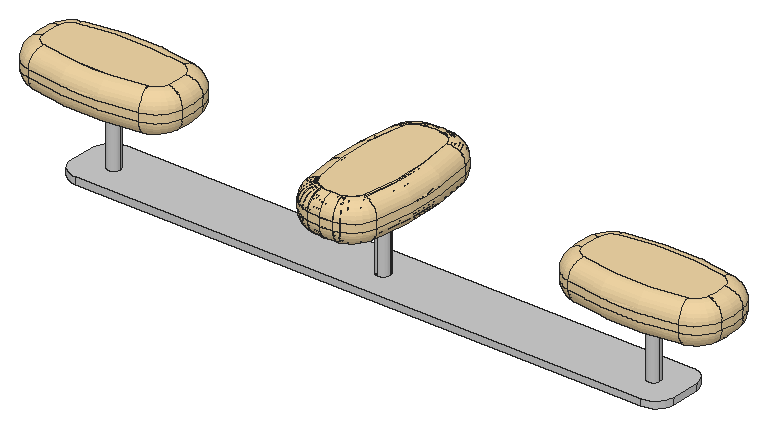
Revit family "Magnuson-Sherwood-CoatHookStrip+", category Furniture, host Face, Revit 2020
Family settings
  Host = Face
  Cut with Voids When Loaded = No
  Shared = No
  Room Calculation Point = No
Parameters (values of type "SW-M3")
  Width = 14 31/32"
  URL = "www.magnusongroup.com"
  Type Comments = "Coat Hook Strip"  # constant formula
  Revit Model Built By = "https://servex-us.com/servex-revit/"
  Product Documentation Link = "https://magnusongroup.com/products/coathooks/sherwood.html"
  Hook2 Qty = 2
  Hook Qty = 2
  H2 End Dist = 7 15/32"
  H2 Dist = 1/128"
  H = yes
  Frame Finish = MAG - Textured painted steel
  Salvage or Reuse = yes
  Percentage of Recycled Content = 0
  Model = "SW-M3"
  Manufacturer = "Magnuson Group"  # constant formula
  Low Emitting Material = yes
  Low Emitting Finish = yes
  Keynote = "12500"
  Hook Finish = MAG - Wood Oak
  Description = "Painted metal hook strip with three wood hooks. Center hook is positioned vertically, two outer hooks are positioned horizontally."
  Default Elevation = 48"
  Assembly Code = "E2020200"
Types (4): name | Width | Hook Qty | H2 End Dist | H2 Dist | H | Model | Description
  (no name) | 14 31/32" | 2 | 7 15/32" | 1/128" | yes | "SW-M3" | "Painted metal hook strip with three wood hooks. Center hook is positioned vertically, two outer hooks are positioned horizontally."
  SW-M2 | 8 9/32" | 2 | 4 1/8" | 1/128" | no | "SW-M2" | "Painted metal hook strip with two wood hooks positioned horizontally"
  SW-M3 | 14 31/32" | 2 | 7 15/32" | 1/128" | yes | "SW-M3" | "Painted metal hook strip with three wood hooks. Center hook is positioned vertically, two outer hooks are positioned horizontally."
  SW-M5 | 28 11/32" | 3 | 7 15/32" | 13 3/8" | yes | "SW-M5" | "Painted metal hook strip with five wood hooks. Hooks alternate between horizontal and vertical positioning."
Reference planes (in)
  plane 1 "Center (Front/Back)": y = 0
  plane 2: z = 0
  plane 3 "Center (Left/Right)": x = 0
  plane 4: x = 14.96875
  plane 5: x = 0.80828
  plane 6: x = 14.16047
  plane 7: x = 7.46875
  plane 8: x = 7.47656
Forms (in)
  Extrusion 1, solid, material "MAG - Textured painted steel" <- "Frame Finish"
    sketch origin (-1.97297, 0, 0) x (1, 0, 0) y (0, 1, 0)
      loop
        line (2.45959, -0.7874) -> (16.44154, -0.7874)
        arc (16.44154, -0.7874) -> (16.76024, -0.66372) -> (16.91207, -0.35743) r 0.47244
        arc (16.91207, -0.35743) -> (16.92817, 0) -> (16.91207, 0.35743) r 3.97624
        arc (16.91207, 0.35743) -> (16.76024, 0.66372) -> (16.44154, 0.7874) r 0.47244
        line (16.44154, 0.7874) -> (2.45959, 0.7874)
        arc (2.45959, 0.7874) -> (2.14089, 0.66372) -> (1.98906, 0.35743) r 0.47244
        arc (1.98906, 0.35743) -> (1.97297, 0) -> (1.98906, -0.35743) r 3.97624
        arc (1.98906, -0.35743) -> (2.14089, -0.66372) -> (2.45959, -0.7874) r 0.47244
    from 0 to 0.15625
Dimensions and locks (in)
  group 1 to group 2 = 13.35218"
  group 1 to group 2 = 0"  (x2)
  nested 1 to plane 3 "Center (Left/Right)" = 0.80828"
  Extrusion 1 to plane 2 = 5/32"
  locked: plane 3 "Center (Left/Right)" to plane 5 at 0.80828
  locked: plane 6 to plane 4 at 0.80828
  group 3 to group 4 = 1/128"
  group 3 to group 4 = 0"  (x2)
  "H2 Dist": plane 7 to plane 8
  "H2 End Dist": plane 3 "Center (Left/Right)" to plane 7
  "Width": plane 3 "Center (Left/Right)" to plane 4
  Extrusion 1 sketch curve to Extrusion 1 sketch curve to plane 4 = 0" locked, 0.50017" locked
  locked: Extrusion 1 sketch curve to plane 4 at 3.98979
  plane 3 "Center (Left/Right)" to Extrusion 1 sketch curve to Extrusion 1 sketch curve = 0.48662" locked, 0" locked
  locked: plane 3 "Center (Left/Right)" to Extrusion 1 sketch curve at 3.97624
  aligned and locked: plane 2 to host face
  aligned and locked: level to host face
  aligned and locked: plane 1 "Center (Front/Back)" to nested 1
  aligned and locked: plane 1 "Center (Front/Back)" to nested 2
  aligned and locked: plane 2 to nested 2
  aligned and locked: plane 2 to nested 1
  aligned and locked: Extrusion 1 to plane 2
  aligned and locked: nested 2 to plane 6
  aligned and locked: nested 1 to plane 5
  aligned and locked: nested 3 to plane 1 "Center (Front/Back)"
  aligned and locked: nested 4 to plane 1 "Center (Front/Back)"
  aligned and locked: nested 3 to plane 7
  aligned and locked: nested 4 to plane 8
Automatic sketch dimensions
  host sketch curve to host sketch curve = 21.12737"
  host sketch curve to host sketch curve = 15.17679"
  plane 1 "Center (Front/Back)" to Extrusion 1 sketch curve = 0"  (x2)
  Extrusion 1 sketch curve to plane 1 "Center (Front/Back)" = 0.31496"  (x2)
  plane 1 "Center (Front/Back)" to Extrusion 1 sketch curve = 0.31496"  (x2)
  plane 1 "Center (Front/Back)" to Extrusion 1 sketch curve = 0.7874"
  Extrusion 1 sketch curve to Extrusion 1 sketch curve = 0.47244"
  Extrusion 1 sketch curve to Extrusion 1 sketch curve = 0"  (x2)
Nested families (in)
  nested 1: "She-H" at (0.80828, 0, 0), type "She-H"
  nested 2: "She-H" at (14.16047, 0, 0), type "She-H"
  nested 3: "She-H" at (7.46875, 0, 0) x (0, 1, 0) z (0, 0, 1), type "She-H 2"
  nested 4: "She-H" at (7.47656, 0, 0) x (0, 1, 0) z (0, 0, 1), type "She-H 2"
Definition of nested family "She-H"
  Parameters (values of type "She-H")
    Revit Model Built By = "https://servex-us.com/servex-revit/"
    Hook Finish = none
    Hardware Finish = none
    H = yes
    Default Elevation = 0"
  Reference planes (in)
    plane 1 "Center (Front/Back)": y = 0
    plane 2: z = 0
    plane 3 "Center (Left/Right)": x = 0
  Forms (in)
    Extrusion 1, solid, material <- "Hardware Finish", visible <- "H"
      sketch origin (0, 0, 0) x (1, 0, 0) y (0, 1, 0)
        loop
          circle (0, 0) r 0.16126
      from 0.15625 to 2.20472
    Sweep 2, solid, material <- "Hook Finish", visible <- "H"
      path origin (0, 0, 0) x (1, 0, 0) y (0, 1, 0)
        loop
          arc (-1.3679, 0.93165) -> (-1.75558, 0.71337) -> (-1.95139, 0.31387) r 0.75
          arc (-1.95139, 0.31387) -> (-1.97548, -0.00189) -> (-1.94992, -0.31753) r 2.02006
          arc (-1.94992, -0.31753) -> (-1.7534, -0.71489) -> (-1.36685, -0.93188) r 0.75
          arc (-1.36685, -0.93188) -> (0, -1.07696) -> (1.36685, -0.93188) r 6.51142
          arc (1.36685, -0.93188) -> (1.7534, -0.71489) -> (1.94992, -0.31753) r 0.75
          arc (1.94992, -0.31753) -> (1.97548, -0.00189) -> (1.95139, 0.31387) r 2.02006
          arc (1.95139, 0.31387) -> (1.75558, 0.71337) -> (1.3679, 0.93165) r 0.75
          arc (1.3679, 0.93165) -> (0, 1.07696) -> (-1.3679, 0.93165) r 6.51142
      profile origin (0, 1.07696, 0) x (0, 1, 0) y (0, 0, 1)
        loop
          line (-0.39422, 2.63779) -> (-0.39422, 1.65354)
          arc (-0.39422, 1.65354) -> (-0.1149, 1.76834) -> (0.00092, 2.04724) r 0.3937
          line (0.00092, 2.04724) -> (0.00092, 2.24409)
          arc (0.00092, 2.24409) -> (-0.1149, 2.52299) -> (-0.39422, 2.63779) r 0.3937
    Extrusion 3, solid, material <- "Hook Finish", visible <- "H"
      sketch origin (0, 0, 0) x (1, 0, 0) y (0, 1, 0)
        loop
          arc (-1.28508, 0.54623) -> (-1.46898, 0.44268) -> (-1.56187, 0.25317) r 0.35578
          arc (-1.56187, 0.25317) -> (-1.58125, -0.00097) -> (-1.56068, -0.25501) r 1.62584
          arc (-1.56068, -0.25501) -> (-1.46746, -0.44351) -> (-1.28409, -0.54644) r 0.35578
          arc (-1.28409, -0.54644) -> (0, -0.68273) -> (1.28409, -0.54644) r 6.1172
          arc (1.28409, -0.54644) -> (1.46746, -0.44351) -> (1.56068, -0.25501) r 0.35578
          arc (1.56068, -0.25501) -> (1.58125, -0.00097) -> (1.56187, 0.25317) r 1.62584
          arc (1.56187, 0.25317) -> (1.46898, 0.44268) -> (1.28508, 0.54623) r 0.35578
          arc (1.28508, 0.54623) -> (0, 0.68273) -> (-1.28508, 0.54623) r 6.1172
      from 1.65354 to 2.63779
  Cuts and joins
    joined: Sweep 2, Extrusion 3
  Dimensions and locks (in)
    aligned and locked: plane 2 to level
